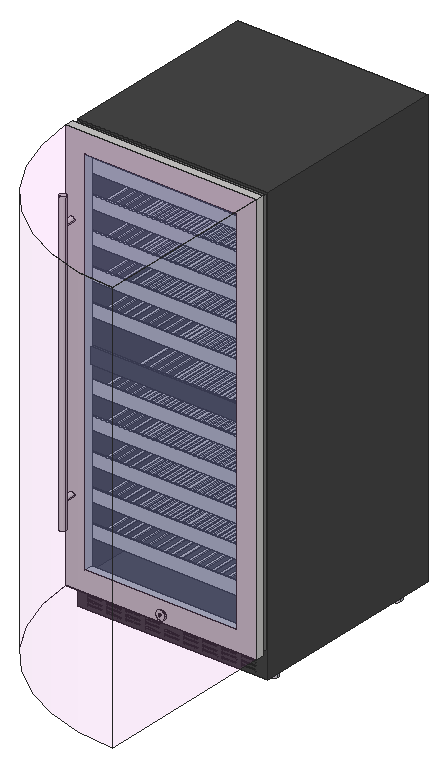
Revit family "QF_Summit_SWCP2116_Wine_Cellar", category Specialty Equipment, Revit 2020
Family settings
  Round Connector Dimension = Use Diameter
  Part Type = Normal
  Work Plane-Based = No
  Always vertical = Yes
  Cut with Voids When Loaded = No
  Shared = No
  Room Calculation Point = No
Parameters
  Weight in Pounds = 213
  Watts = if(Phase = 3, Volts * FL Amps * 1.73, Volts * FL Amps)  # 230 W
  Volts = 115 V
  URL Cutsheet = ""
  Specification by User = ""
  Specification by Manufacturer = ""
  Show RHD [instance] = not(Show LHD)  # no
  Show LHD [instance] = yes
  Show Clearance [instance] = yes
  Serial Number = ""
  Seismic Rating = ""
  SMACNA No = ""
  Revision Code = ""
  Refrigerant Type = "R600a"
  Phase = 1
  Number of Poles = 1
  NAFEM Spec ID Number = ""
  Model = "SWCP2116"
  Min Ckt Ampacity = 0 A
  Max Overcurrent Protection = 0 A
  Masterspec = ""
  Manufacturer = "Summit"
  Length = 23 5/8"
  Item Number = ""
  Installed By = ""
  Identify Quantity as Lot = yes
  Height = 55 1/4"
  HP = ""
  Furnished By = ""
  Foodservice Equipment Identifier = yes
  FL Amps = 2 A
  Electrical Remarks = ""
  Electric Connection Type = ""
  Elec Conn RI Height = 0"
  Elec Conn Connection Height = 0"
  Description = "Wine Cellar"
  Depth = 26 1/2"
  Default Elevation = 0"
  Cycle = 60 Hz
  Conn Plug = ""
  Conn Conduit = yes
  CSI MasterFormat = ""
  Apparent Power = if(Phase = 3, Volts * FL Amps * 1.73, Volts * FL Amps)  # 230 VA
Reference planes (in)
  plane 1 "BACK": y = 0
  plane 2: z = 0
  plane 3 "LEFT": x = 0
  plane 4 "RIGHT": x = 23.625
  plane 5 "FRONT": y = -26.5
  plane 6 "TOP": z = 55.25
  plane 7 "Center Y": x = 11.8125
  plane 8 "Center X": y = -13.25
  plane 9: y = -24.75
  plane 10: y = -48.75
  plane 11: y = -28.25
  plane 12 "Base Height": z = 1.25
  plane 13: z = 4.25
  plane 14: z = 6.125
  plane 15: x = 1.1875
Forms (in)
  Extrusion 1, solid, material "QF_Metal_Stainless_Polished"
    sketch origin (23.625, -24.75, 0.75) x (-1, 0, 0) y (0, 0, -1)
      loop
        line (23.625, -54.5) -> (23.625, -3.5) -> (0, -3.5) -> (0, -54.5) -> (23.625, -54.5)
      loop
        line (2.5, -6) -> (2.5, -52.125) -> (21.25, -52.125) -> (21.25, -6) -> (2.5, -6)
    from 0.75 to 1.75
  Extrusion 2, solid, material "Glass"
    sketch origin (23.625, -24.75, 0.75) x (-1, 0, 0) y (0, 0, -1)
      loop
        line (21.25, -52.125) -> (21.25, -6) -> (2.5, -6) -> (2.5, -52.125) -> (21.25, -52.125)
    from 1 to 1.75
  Extrusion 3, solid, material "QF_Metal_Black"
    sketch origin (23.625, -24.75, 0.75) x (-1, 0, 0) y (0, 0, -1)
      loop
        line (2.5, -30.5) -> (21.25, -30.5) -> (21.25, -28.5) -> (2.5, -28.5) -> (2.5, -30.5)
    from 0.75 to 1
  Extrusion 4, solid, material "QF_Metal_Stainless_Polished", visible <- "Show LHD"
    sketch origin (14.48848, -23.375, 6.28) x (-1, 0, 0) y (0, 0, -1)
      loop
        circle (13.7387, -38.795) r 0.3125
      loop
        circle (13.7387, -8.295) r 0.3125
    from 4.44906 to 3.125
  Extrusion 5, solid, material "QF_Metal_Stainless_Polished", visible <- "Show LHD"
    sketch origin (0.25576, 0, 1.25) x (-1, 0, 0) y (0, -1, 0)
      loop
        circle (-0.49424, 27.875) r 0.375
    from 10.075 to 47.075
  Extrusion 6, solid, material "QF_Rubber_Black_Smooth"
    sketch origin (1.09375, 0, 0.21875) x (1, 0, 0) y (0, 0, -1)
      loop
        circle (18.97551, -1.55458) r 0.25
    from -0.0625 to 0.10156
  Extrusion 7, void
    sketch origin (23.625, 0, 0) x (0, -1, 0) y (0, 0, 1)
      loop
        line (3.75, 53.875) -> (3.75, 10.375) -> (9.75, 10.375) -> (9.75, 5.625) -> (25.125, 5.625) -> (25.125, 53.875) -> (3.75, 53.875)
    from 1.75 to 22
  Extrusion 8, solid, material "QF_Rubber_Black_Smooth"
    sketch origin (23.625, -24.75, 0.75) x (-1, 0, 0) y (0, 0, -1)
      loop
        line (23.375, -3.75) -> (0.25, -3.75) -> (0.25, -54.25) -> (23.375, -54.25) -> (23.375, -3.75)
      loop
        line (22.375, -53.25) -> (22.375, -4.5) -> (1.25, -4.5) -> (1.25, -53.25) -> (22.375, -53.25)
    from 0 to 0.75
  Extrusion 9, solid, material "QF_Metal_Black"
    sketch origin (0, 0, 1.25) x (-1, 0, 0) y (0, -1, 0)
      loop
        line (-0.0625, 0) -> (-0.0625, 24.75) -> (-23.5625, 24.75) -> (-23.5625, 0) -> (-0.0625, 0)
    from 0 to 54
  Revolve 10, solid
    sketch origin (0, -2.83333, 0) x (1, 0, 0) y (0, 0, 1)
      loop
        line (21.93936, 1.25) -> (21.75886, 1.25) -> (21.75886, 0.982) -> (21.31436, 0.982) -> (21.34561, 0) -> (21.93936, 0) -> (21.93936, 1.25)
      axis (21.93936, 0) -> (21.93936, 1.25)
    angle from 0 to 360
  Revolve 11, solid
    sketch origin (-20.25186, -2.83333, 0) x (1, 0, 0) y (0, 0, 1)
      loop
        line (21.93936, 1.25) -> (21.75886, 1.25) -> (21.75886, 0.982) -> (21.31436, 0.982) -> (21.34561, 0) -> (21.93936, 0) -> (21.93936, 1.25)
      axis (21.93936, 0) -> (21.93936, 1.25)
    angle from 0 to 360
  Revolve 12, solid
    sketch origin (0, -21.91667, 0) x (1, 0, 0) y (0, 0, 1)
      loop
        line (21.93936, 1.25) -> (21.75886, 1.25) -> (21.75886, 0.982) -> (21.31436, 0.982) -> (21.34561, 0) -> (21.93936, 0) -> (21.93936, 1.25)
      axis (21.93936, 0) -> (21.93936, 1.25)
    angle from 0 to 360
  Revolve 13, solid
    sketch origin (-20.25186, -21.91667, 0) x (1, 0, 0) y (0, 0, 1)
      loop
        line (21.93936, 1.25) -> (21.75886, 1.25) -> (21.75886, 0.982) -> (21.31436, 0.982) -> (21.34561, 0) -> (21.93936, 0) -> (21.93936, 1.25)
      axis (21.93936, 0) -> (21.93936, 1.25)
    angle from 0 to 360
  Extrusion 14, solid, material "QF_Clearances_Door_Drawer", visible <- "Show LHD"
    sketch origin (0, 0, 1.25) x (-1, 0, 0) y (0, -1, 0)
      loop
        line (-23.625, 48.74698) -> (-23.625, 26.5) -> (-0.02152, 26.5)
        arc (-0.02152, 26.5) -> (-7.30314, 42.41922) -> (-23.625, 48.74698) r 23.25
    from 3 to 54
  Extrusion 15, void
    sketch origin (23.5625, -24.75, 1.25) x (-1, 0, 0) y (0, 0, -1)
      loop
        line (3.12611, -1.95) -> (1.50008, -1.95)
        arc (1.50008, -1.95) -> (1.37508, -2.075) -> (1.50008, -2.2) r 0.125
        line (1.50008, -2.2) -> (3.12611, -2.2)
        arc (3.12611, -2.2) -> (3.25111, -2.075) -> (3.12611, -1.95) r 0.125
      loop
        line (3.12611, -1.45) -> (1.50008, -1.45)
        arc (1.50008, -1.45) -> (1.37508, -1.575) -> (1.50008, -1.7) r 0.125
        line (1.50008, -1.7) -> (3.12611, -1.7)
        arc (3.12611, -1.7) -> (3.25111, -1.575) -> (3.12611, -1.45) r 0.125
      loop
        line (3.12611, -0.95) -> (1.50008, -0.95)
        arc (1.50008, -0.95) -> (1.37508, -1.075) -> (1.50008, -1.2) r 0.125
        line (1.50008, -1.2) -> (3.12611, -1.2)
        arc (3.12611, -1.2) -> (3.25111, -1.075) -> (3.12611, -0.95) r 0.125
      loop
        line (3.12611, -0.45) -> (1.50008, -0.45)
        arc (1.50008, -0.45) -> (1.37508, -0.575) -> (1.50008, -0.7) r 0.125
        line (1.50008, -0.7) -> (3.12611, -0.7)
        arc (3.12611, -0.7) -> (3.25111, -0.575) -> (3.12611, -0.45) r 0.125
      loop
        line (5.50102, -1.95) -> (3.875, -1.95)
        arc (3.875, -1.95) -> (3.75, -2.075) -> (3.875, -2.2) r 0.125
        line (3.875, -2.2) -> (5.50102, -2.2)
        arc (5.50102, -2.2) -> (5.62602, -2.075) -> (5.50102, -1.95) r 0.125
      loop
        line (5.50102, -1.45) -> (3.875, -1.45)
        arc (3.875, -1.45) -> (3.75, -1.575) -> (3.875, -1.7) r 0.125
        line (3.875, -1.7) -> (5.50102, -1.7)
        arc (5.50102, -1.7) -> (5.62602, -1.575) -> (5.50102, -1.45) r 0.125
      loop
        line (5.50102, -0.95) -> (3.875, -0.95)
        arc (3.875, -0.95) -> (3.75, -1.075) -> (3.875, -1.2) r 0.125
        line (3.875, -1.2) -> (5.50102, -1.2)
        arc (5.50102, -1.2) -> (5.62602, -1.075) -> (5.50102, -0.95) r 0.125
      loop
        line (5.50102, -0.45) -> (3.875, -0.45)
        arc (3.875, -0.45) -> (3.75, -0.575) -> (3.875, -0.7) r 0.125
        line (3.875, -0.7) -> (5.50102, -0.7)
        arc (5.50102, -0.7) -> (5.62602, -0.575) -> (5.50102, -0.45) r 0.125
      loop
        line (7.87602, -1.95) -> (6.25, -1.95)
        arc (6.25, -1.95) -> (6.125, -2.075) -> (6.25, -2.2) r 0.125
        line (6.25, -2.2) -> (7.87602, -2.2)
        arc (7.87602, -2.2) -> (8.00102, -2.075) -> (7.87602, -1.95) r 0.125
      loop
        line (7.87602, -1.45) -> (6.25, -1.45)
        arc (6.25, -1.45) -> (6.125, -1.575) -> (6.25, -1.7) r 0.125
        line (6.25, -1.7) -> (7.87602, -1.7)
        arc (7.87602, -1.7) -> (8.00102, -1.575) -> (7.87602, -1.45) r 0.125
      loop
        line (7.87602, -0.95) -> (6.25, -0.95)
        arc (6.25, -0.95) -> (6.125, -1.075) -> (6.25, -1.2) r 0.125
        line (6.25, -1.2) -> (7.87602, -1.2)
        arc (7.87602, -1.2) -> (8.00102, -1.075) -> (7.87602, -0.95) r 0.125
      loop
        line (7.87602, -0.45) -> (6.25, -0.45)
        arc (6.25, -0.45) -> (6.125, -0.575) -> (6.25, -0.7) r 0.125
        line (6.25, -0.7) -> (7.87602, -0.7)
        arc (7.87602, -0.7) -> (8.00102, -0.575) -> (7.87602, -0.45) r 0.125
      loop
        line (10.25102, -1.95) -> (8.625, -1.95)
        arc (8.625, -1.95) -> (8.5, -2.075) -> (8.625, -2.2) r 0.125
        line (8.625, -2.2) -> (10.25102, -2.2)
        arc (10.25102, -2.2) -> (10.37602, -2.075) -> (10.25102, -1.95) r 0.125
      loop
        line (10.25102, -1.45) -> (8.625, -1.45)
        arc (8.625, -1.45) -> (8.5, -1.575) -> (8.625, -1.7) r 0.125
        line (8.625, -1.7) -> (10.25102, -1.7)
        arc (10.25102, -1.7) -> (10.37602, -1.575) -> (10.25102, -1.45) r 0.125
      loop
        line (10.25102, -0.95) -> (8.625, -0.95)
        arc (8.625, -0.95) -> (8.5, -1.075) -> (8.625, -1.2) r 0.125
        line (8.625, -1.2) -> (10.25102, -1.2)
        arc (10.25102, -1.2) -> (10.37602, -1.075) -> (10.25102, -0.95) r 0.125
      loop
        line (10.25102, -0.45) -> (8.625, -0.45)
        arc (8.625, -0.45) -> (8.5, -0.575) -> (8.625, -0.7) r 0.125
        line (8.625, -0.7) -> (10.25102, -0.7)
        arc (10.25102, -0.7) -> (10.37602, -0.575) -> (10.25102, -0.45) r 0.125
      loop
        line (12.62611, -0.95) -> (11.00008, -0.95)
        arc (11.00008, -0.95) -> (10.87508, -1.075) -> (11.00008, -1.2) r 0.125
        line (11.00008, -1.2) -> (12.62611, -1.2)
        arc (12.62611, -1.2) -> (12.75111, -1.075) -> (12.62611, -0.95) r 0.125
      loop
        line (12.62611, -0.45) -> (11.00008, -0.45)
        arc (11.00008, -0.45) -> (10.87508, -0.575) -> (11.00008, -0.7) r 0.125
        line (11.00008, -0.7) -> (12.62611, -0.7)
        arc (12.62611, -0.7) -> (12.75111, -0.575) -> (12.62611, -0.45) r 0.125
      loop
        line (15.00102, -1.95) -> (13.375, -1.95)
        arc (13.375, -1.95) -> (13.25, -2.075) -> (13.375, -2.2) r 0.125
        line (13.375, -2.2) -> (15.00102, -2.2)
        arc (15.00102, -2.2) -> (15.12602, -2.075) -> (15.00102, -1.95) r 0.125
      loop
        line (15.00102, -1.45) -> (13.375, -1.45)
        arc (13.375, -1.45) -> (13.25, -1.575) -> (13.375, -1.7) r 0.125
        line (13.375, -1.7) -> (15.00102, -1.7)
        arc (15.00102, -1.7) -> (15.12602, -1.575) -> (15.00102, -1.45) r 0.125
      loop
        line (15.00102, -0.95) -> (13.375, -0.95)
        arc (13.375, -0.95) -> (13.25, -1.075) -> (13.375, -1.2) r 0.125
        line (13.375, -1.2) -> (15.00102, -1.2)
        arc (15.00102, -1.2) -> (15.12602, -1.075) -> (15.00102, -0.95) r 0.125
      loop
        line (15.00102, -0.45) -> (13.375, -0.45)
        arc (13.375, -0.45) -> (13.25, -0.575) -> (13.375, -0.7) r 0.125
        line (13.375, -0.7) -> (15.00102, -0.7)
        arc (15.00102, -0.7) -> (15.12602, -0.575) -> (15.00102, -0.45) r 0.125
      loop
        line (17.37602, -1.95) -> (15.75, -1.95)
        arc (15.75, -1.95) -> (15.625, -2.075) -> (15.75, -2.2) r 0.125
        line (15.75, -2.2) -> (17.37602, -2.2)
        arc (17.37602, -2.2) -> (17.50102, -2.075) -> (17.37602, -1.95) r 0.125
      loop
        line (17.37602, -1.45) -> (15.75, -1.45)
        arc (15.75, -1.45) -> (15.625, -1.575) -> (15.75, -1.7) r 0.125
        line (15.75, -1.7) -> (17.37602, -1.7)
        arc (17.37602, -1.7) -> (17.50102, -1.575) -> (17.37602, -1.45) r 0.125
      loop
        line (17.37602, -0.95) -> (15.75, -0.95)
        arc (15.75, -0.95) -> (15.625, -1.075) -> (15.75, -1.2) r 0.125
        line (15.75, -1.2) -> (17.37602, -1.2)
        arc (17.37602, -1.2) -> (17.50102, -1.075) -> (17.37602, -0.95) r 0.125
      loop
        line (17.37602, -0.45) -> (15.75, -0.45)
        arc (15.75, -0.45) -> (15.625, -0.575) -> (15.75, -0.7) r 0.125
        line (15.75, -0.7) -> (17.37602, -0.7)
        arc (17.37602, -0.7) -> (17.50102, -0.575) -> (17.37602, -0.45) r 0.125
      loop
        line (19.75102, -1.95) -> (18.125, -1.95)
        arc (18.125, -1.95) -> (18, -2.075) -> (18.125, -2.2) r 0.125
        line (18.125, -2.2) -> (19.75102, -2.2)
        arc (19.75102, -2.2) -> (19.87602, -2.075) -> (19.75102, -1.95) r 0.125
      loop
        line (19.75102, -1.45) -> (18.125, -1.45)
        arc (18.125, -1.45) -> (18, -1.575) -> (18.125, -1.7) r 0.125
        line (18.125, -1.7) -> (19.75102, -1.7)
        arc (19.75102, -1.7) -> (19.87602, -1.575) -> (19.75102, -1.45) r 0.125
      loop
        line (19.75102, -0.95) -> (18.125, -0.95)
        arc (18.125, -0.95) -> (18, -1.075) -> (18.125, -1.2) r 0.125
        line (18.125, -1.2) -> (19.75102, -1.2)
        arc (19.75102, -1.2) -> (19.87602, -1.075) -> (19.75102, -0.95) r 0.125
      loop
        line (19.75102, -0.45) -> (18.125, -0.45)
        arc (18.125, -0.45) -> (18, -0.575) -> (18.125, -0.7) r 0.125
        line (18.125, -0.7) -> (19.75102, -0.7)
        arc (19.75102, -0.7) -> (19.87602, -0.575) -> (19.75102, -0.45) r 0.125
      loop
        line (22.12602, -1.95) -> (20.5, -1.95)
        arc (20.5, -1.95) -> (20.375, -2.075) -> (20.5, -2.2) r 0.125
        line (20.5, -2.2) -> (22.12602, -2.2)
        arc (22.12602, -2.2) -> (22.25102, -2.075) -> (22.12602, -1.95) r 0.125
      loop
        line (22.12602, -1.45) -> (20.5, -1.45)
        arc (20.5, -1.45) -> (20.375, -1.575) -> (20.5, -1.7) r 0.125
        line (20.5, -1.7) -> (22.12602, -1.7)
        arc (22.12602, -1.7) -> (22.25102, -1.575) -> (22.12602, -1.45) r 0.125
      loop
        line (22.12602, -0.95) -> (20.5, -0.95)
        arc (20.5, -0.95) -> (20.375, -1.075) -> (20.5, -1.2) r 0.125
        line (20.5, -1.2) -> (22.12602, -1.2)
        arc (22.12602, -1.2) -> (22.25102, -1.075) -> (22.12602, -0.95) r 0.125
      loop
        line (22.12602, -0.45) -> (20.5, -0.45)
        arc (20.5, -0.45) -> (20.375, -0.575) -> (20.5, -0.7) r 0.125
        line (20.5, -0.7) -> (22.12602, -0.7)
        arc (22.12602, -0.7) -> (22.25102, -0.575) -> (22.12602, -0.45) r 0.125
    from 0.125 to -0.75
  Extrusion 16, solid, material "QF_Metal_Black"
    sketch origin (23.625, -3.75, 53.875) x (0, 0, -1) y (1, 0, 0)
      loop
        circle (3.54209, -11.8125) r 2.25
      loop
        circle (3.54209, -11.8125) r 2.15625
      loop
        circle (3.54209, -11.8125) r 1.875
      loop
        circle (3.54209, -11.8125) r 1.78125
      loop
        circle (3.54209, -11.8125) r 1.5
      loop
        circle (3.54209, -11.8125) r 1.40625
      loop
        circle (3.54209, -11.8125) r 1.125
      loop
        circle (3.54209, -11.8125) r 1.03125
    from 0 to 0.125
  Extrusion 17, void
    sketch origin (23.625, -26.5, 1.59375) x (-1, 0, 0) y (0, 0, -1)
      loop
        circle (11.8125, -3.53635) r 0.5625
    from -0.125 to 0.125
  Extrusion 18, solid, material "QF_Metal_Stainless_Polished"
    sketch origin (23.625, -26.375, 2.4375) x (-1, 0, 0) y (0, 0, -1)
      loop
        circle (11.8125, -2.6926) r 0.5625
      loop
        circle (11.8125, -2.6926) r 0.1875
      loop
        circle (11.8125, -2.6926) r 0.0625
    from 0 to 0.25
  Extrusion 19, solid, material "QF_Metal_Stainless_Polished"
    sketch origin (23.625, -25.5, -52.53869) x (1, 0, 0) y (0, 0, -1)
      loop
        line (-21.25, -64.01254) -> (-2.5, -64.01254) -> (-2.5, -62.41369) -> (-21.25, -62.41369) -> (-21.25, -64.01254)
    from 0 to 0.125
  Extrusion 20, solid, material "QF_Metal_Stainless_Polished"
    sketch origin (23.625, -25.375, -52.53869) x (1, 0, 0) y (0, 0, -1)
      loop
        circle (-11.8125, -62.65879) r 0.11817
      loop
        circle (-12.8125, -62.65879) r 0.11817
      loop
        circle (-13.8125, -62.65879) r 0.11817
      loop
        circle (-14.8125, -62.65879) r 0.11817
      loop
        circle (-15.8125, -62.65879) r 0.11817
      loop
        circle (-16.8125, -62.65879) r 0.11817
      loop
        circle (-17.8125, -62.65879) r 0.11817
      loop
        circle (-18.8125, -62.65879) r 0.11817
      loop
        circle (-19.8125, -62.65879) r 0.11817
      loop
        circle (-20.8125, -62.65879) r 0.11817
      loop
        circle (-10.8125, -62.65879) r 0.11817
      loop
        circle (-9.8125, -62.65879) r 0.11817
      loop
        circle (-8.8125, -62.65879) r 0.11817
      loop
        circle (-7.8125, -62.65879) r 0.11817
      loop
        circle (-6.8125, -62.65879) r 0.11817
      loop
        circle (-5.8125, -62.65879) r 0.11817
      loop
        circle (-4.8125, -62.65879) r 0.11817
      loop
        circle (-3.8125, -62.65879) r 0.11817
      loop
        circle (-2.8125, -62.65879) r 0.11817
    from 0 to 21
  Extrusion 21, solid, material "QF_Metal_Stainless_Polished"
    sketch origin (21.125, -25.5, 9.875) x (0, 1, 0) y (1, 0, 0)
      loop
        line (21.125, -18.43067) -> (21.125, -0.18067) -> (20.875, -0.18067) -> (20.875, -18.43067) -> (21.125, -18.43067)
      loop
        line (7.125, -18.43067) -> (7.125, -0.18067) -> (6.875, -0.18067) -> (6.875, -18.43067) -> (7.125, -18.43067)
      loop
        line (12.25, -18.43067) -> (12.25, -0.18067) -> (12, -0.18067) -> (12, -18.43067) -> (12.25, -18.43067)
    from -0.33488 to -0.19678
  Extrusion 22, solid, material "QF_Metal_Stainless_Polished", not visible
    sketch origin (23.625, -25.5, 0.75) x (1, 0, 0) y (0, 0, -1)
      loop
        line (-21.25, -64.01254) -> (-2.5, -64.01254) -> (-2.5, -62.41369) -> (-21.25, -62.41369) -> (-21.25, -64.01254)
    from 0 to 0.125
  Extrusion 23, solid, material "QF_Metal_Stainless_Polished", not visible
    sketch origin (23.625, -25.375, 0.75) x (1, 0, 0) y (0, 0, -1)
      loop
        circle (-11.8125, -62.65879) r 0.11817
      loop
        circle (-12.8125, -62.65879) r 0.11817
      loop
        circle (-13.8125, -62.65879) r 0.11817
      loop
        circle (-14.8125, -62.65879) r 0.11817
      loop
        circle (-15.8125, -62.65879) r 0.11817
      loop
        circle (-16.8125, -62.65879) r 0.11817
      loop
        circle (-17.8125, -62.65879) r 0.11817
      loop
        circle (-18.8125, -62.65879) r 0.11817
      loop
        circle (-19.8125, -62.65879) r 0.11817
      loop
        circle (-20.8125, -62.65879) r 0.11817
      loop
        circle (-10.8125, -62.65879) r 0.11817
      loop
        circle (-9.8125, -62.65879) r 0.11817
      loop
        circle (-8.8125, -62.65879) r 0.11817
      loop
        circle (-7.8125, -62.65879) r 0.11817
      loop
        circle (-6.8125, -62.65879) r 0.11817
      loop
        circle (-5.8125, -62.65879) r 0.11817
      loop
        circle (-4.8125, -62.65879) r 0.11817
      loop
        circle (-3.8125, -62.65879) r 0.11817
      loop
        circle (-2.8125, -62.65879) r 0.11817
    from 0 to 21
  Extrusion 24, solid, material "QF_Metal_Stainless_Polished", not visible
    sketch origin (21.125, -25.5, 63.16369) x (0, 1, 0) y (1, 0, 0)
      loop
        line (21.125, -18.43067) -> (21.125, -0.18067) -> (20.875, -0.18067) -> (20.875, -18.43067) -> (21.125, -18.43067)
      loop
        line (7.125, -18.43067) -> (7.125, -0.18067) -> (6.875, -0.18067) -> (6.875, -18.43067) -> (7.125, -18.43067)
      loop
        line (12.25, -18.43067) -> (12.25, -0.18067) -> (12, -0.18067) -> (12, -18.43067) -> (12.25, -18.43067)
    from -0.33488 to -0.19678
  Extrusion 25, solid, material "QF_Metal_Stainless_Polished"
    sketch origin (23.625, -25.5, -48.53869) x (1, 0, 0) y (0, 0, -1)
      loop
        line (-21.25, -64.01254) -> (-2.5, -64.01254) -> (-2.5, -62.41369) -> (-21.25, -62.41369) -> (-21.25, -64.01254)
    from 0 to 0.125
  Extrusion 26, solid, material "QF_Metal_Stainless_Polished"
    sketch origin (23.625, -25.375, -48.53869) x (1, 0, 0) y (0, 0, -1)
      loop
        circle (-11.8125, -62.65879) r 0.11817
      loop
        circle (-12.8125, -62.65879) r 0.11817
      loop
        circle (-13.8125, -62.65879) r 0.11817
      loop
        circle (-14.8125, -62.65879) r 0.11817
      loop
        circle (-15.8125, -62.65879) r 0.11817
      loop
        circle (-16.8125, -62.65879) r 0.11817
      loop
        circle (-17.8125, -62.65879) r 0.11817
      loop
        circle (-18.8125, -62.65879) r 0.11817
      loop
        circle (-19.8125, -62.65879) r 0.11817
      loop
        circle (-20.8125, -62.65879) r 0.11817
      loop
        circle (-10.8125, -62.65879) r 0.11817
      loop
        circle (-9.8125, -62.65879) r 0.11817
      loop
        circle (-8.8125, -62.65879) r 0.11817
      loop
        circle (-7.8125, -62.65879) r 0.11817
      loop
        circle (-6.8125, -62.65879) r 0.11817
      loop
        circle (-5.8125, -62.65879) r 0.11817
      loop
        circle (-4.8125, -62.65879) r 0.11817
      loop
        circle (-3.8125, -62.65879) r 0.11817
      loop
        circle (-2.8125, -62.65879) r 0.11817
    from 0 to 21
  Extrusion 27, solid, material "QF_Metal_Stainless_Polished"
    sketch origin (21.125, -25.5, 13.875) x (0, 1, 0) y (1, 0, 0)
      loop
        line (21.125, -18.43067) -> (21.125, -0.18067) -> (20.875, -0.18067) -> (20.875, -18.43067) -> (21.125, -18.43067)
      loop
        line (7.125, -18.43067) -> (7.125, -0.18067) -> (6.875, -0.18067) -> (6.875, -18.43067) -> (7.125, -18.43067)
      loop
        line (12.25, -18.43067) -> (12.25, -0.18067) -> (12, -0.18067) -> (12, -18.43067) -> (12.25, -18.43067)
    from -0.33488 to -0.19678
  Extrusion 28, solid, material "QF_Metal_Stainless_Polished"
    sketch origin (23.625, -25.5, -44.53869) x (1, 0, 0) y (0, 0, -1)
      loop
        line (-21.25, -64.01254) -> (-2.5, -64.01254) -> (-2.5, -62.41369) -> (-21.25, -62.41369) -> (-21.25, -64.01254)
    from 0 to 0.125
  Extrusion 29, solid, material "QF_Metal_Stainless_Polished"
    sketch origin (23.625, -25.375, -44.53869) x (1, 0, 0) y (0, 0, -1)
      loop
        circle (-11.8125, -62.65879) r 0.11817
      loop
        circle (-12.8125, -62.65879) r 0.11817
      loop
        circle (-13.8125, -62.65879) r 0.11817
      loop
        circle (-14.8125, -62.65879) r 0.11817
      loop
        circle (-15.8125, -62.65879) r 0.11817
      loop
        circle (-16.8125, -62.65879) r 0.11817
      loop
        circle (-17.8125, -62.65879) r 0.11817
      loop
        circle (-18.8125, -62.65879) r 0.11817
      loop
        circle (-19.8125, -62.65879) r 0.11817
      loop
        circle (-20.8125, -62.65879) r 0.11817
      loop
        circle (-10.8125, -62.65879) r 0.11817
      loop
        circle (-9.8125, -62.65879) r 0.11817
      loop
        circle (-8.8125, -62.65879) r 0.11817
      loop
        circle (-7.8125, -62.65879) r 0.11817
      loop
        circle (-6.8125, -62.65879) r 0.11817
      loop
        circle (-5.8125, -62.65879) r 0.11817
      loop
        circle (-4.8125, -62.65879) r 0.11817
      loop
        circle (-3.8125, -62.65879) r 0.11817
      loop
        circle (-2.8125, -62.65879) r 0.11817
    from 0 to 21
  Extrusion 30, solid, material "QF_Metal_Stainless_Polished"
    sketch origin (21.125, -25.5, 17.875) x (0, 1, 0) y (1, 0, 0)
      loop
        line (21.125, -18.43067) -> (21.125, -0.18067) -> (20.875, -0.18067) -> (20.875, -18.43067) -> (21.125, -18.43067)
      loop
        line (7.125, -18.43067) -> (7.125, -0.18067) -> (6.875, -0.18067) -> (6.875, -18.43067) -> (7.125, -18.43067)
      loop
        line (12.25, -18.43067) -> (12.25, -0.18067) -> (12, -0.18067) -> (12, -18.43067) -> (12.25, -18.43067)
    from -0.33488 to -0.19678
  Extrusion 31, solid, material "QF_Metal_Stainless_Polished"
    sketch origin (23.625, -25.5, -40.53869) x (1, 0, 0) y (0, 0, -1)
      loop
        line (-21.25, -64.01254) -> (-2.5, -64.01254) -> (-2.5, -62.41369) -> (-21.25, -62.41369) -> (-21.25, -64.01254)
    from 0 to 0.125
  Extrusion 32, solid, material "QF_Metal_Stainless_Polished"
    sketch origin (23.625, -25.375, -40.53869) x (1, 0, 0) y (0, 0, -1)
      loop
        circle (-11.8125, -62.65879) r 0.11817
      loop
        circle (-12.8125, -62.65879) r 0.11817
      loop
        circle (-13.8125, -62.65879) r 0.11817
      loop
        circle (-14.8125, -62.65879) r 0.11817
      loop
        circle (-15.8125, -62.65879) r 0.11817
      loop
        circle (-16.8125, -62.65879) r 0.11817
      loop
        circle (-17.8125, -62.65879) r 0.11817
      loop
        circle (-18.8125, -62.65879) r 0.11817
      loop
        circle (-19.8125, -62.65879) r 0.11817
      loop
        circle (-20.8125, -62.65879) r 0.11817
      loop
        circle (-10.8125, -62.65879) r 0.11817
      loop
        circle (-9.8125, -62.65879) r 0.11817
      loop
        circle (-8.8125, -62.65879) r 0.11817
      loop
        circle (-7.8125, -62.65879) r 0.11817
      loop
        circle (-6.8125, -62.65879) r 0.11817
      loop
        circle (-5.8125, -62.65879) r 0.11817
      loop
        circle (-4.8125, -62.65879) r 0.11817
      loop
        circle (-3.8125, -62.65879) r 0.11817
      loop
        circle (-2.8125, -62.65879) r 0.11817
    from 0 to 21
  Extrusion 33, solid, material "QF_Metal_Stainless_Polished"
    sketch origin (21.125, -25.5, 21.875) x (0, 1, 0) y (1, 0, 0)
      loop
        line (21.125, -18.43067) -> (21.125, -0.18067) -> (20.875, -0.18067) -> (20.875, -18.43067) -> (21.125, -18.43067)
      loop
        line (7.125, -18.43067) -> (7.125, -0.18067) -> (6.875, -0.18067) -> (6.875, -18.43067) -> (7.125, -18.43067)
      loop
        line (12.25, -18.43067) -> (12.25, -0.18067) -> (12, -0.18067) -> (12, -18.43067) -> (12.25, -18.43067)
    from -0.33488 to -0.19678
  Extrusion 34, solid, material "QF_Metal_Stainless_Polished"
    sketch origin (23.625, -25.5, -36.53869) x (1, 0, 0) y (0, 0, -1)
      loop
        line (-21.25, -64.01254) -> (-2.5, -64.01254) -> (-2.5, -62.41369) -> (-21.25, -62.41369) -> (-21.25, -64.01254)
    from 0 to 0.125
  Extrusion 35, solid, material "QF_Metal_Stainless_Polished"
    sketch origin (23.625, -25.375, -36.53869) x (1, 0, 0) y (0, 0, -1)
      loop
        circle (-11.8125, -62.65879) r 0.11817
      loop
        circle (-12.8125, -62.65879) r 0.11817
      loop
        circle (-13.8125, -62.65879) r 0.11817
      loop
        circle (-14.8125, -62.65879) r 0.11817
      loop
        circle (-15.8125, -62.65879) r 0.11817
      loop
        circle (-16.8125, -62.65879) r 0.11817
      loop
        circle (-17.8125, -62.65879) r 0.11817
      loop
        circle (-18.8125, -62.65879) r 0.11817
      loop
        circle (-19.8125, -62.65879) r 0.11817
      loop
        circle (-20.8125, -62.65879) r 0.11817
      loop
        circle (-10.8125, -62.65879) r 0.11817
      loop
        circle (-9.8125, -62.65879) r 0.11817
      loop
        circle (-8.8125, -62.65879) r 0.11817
      loop
        circle (-7.8125, -62.65879) r 0.11817
      loop
        circle (-6.8125, -62.65879) r 0.11817
      loop
        circle (-5.8125, -62.65879) r 0.11817
      loop
        circle (-4.8125, -62.65879) r 0.11817
      loop
        circle (-3.8125, -62.65879) r 0.11817
      loop
        circle (-2.8125, -62.65879) r 0.11817
    from 0 to 21
  Extrusion 36, solid, material "QF_Metal_Stainless_Polished"
    sketch origin (21.125, -25.5, 25.875) x (0, 1, 0) y (1, 0, 0)
      loop
        line (21.125, -18.43067) -> (21.125, -0.18067) -> (20.875, -0.18067) -> (20.875, -18.43067) -> (21.125, -18.43067)
      loop
        line (7.125, -18.43067) -> (7.125, -0.18067) -> (6.875, -0.18067) -> (6.875, -18.43067) -> (7.125, -18.43067)
      loop
        line (12.25, -18.43067) -> (12.25, -0.18067) -> (12, -0.18067) -> (12, -18.43067) -> (12.25, -18.43067)
    from -0.33488 to -0.19678
  Extrusion 37, solid, material "QF_Metal_Stainless_Polished"
    sketch origin (23.625, -25.5, -28.03869) x (1, 0, 0) y (0, 0, -1)
      loop
        line (-21.25, -64.01254) -> (-2.5, -64.01254) -> (-2.5, -62.41369) -> (-21.25, -62.41369) -> (-21.25, -64.01254)
    from 0 to 0.125
  Extrusion 38, solid, material "QF_Metal_Stainless_Polished"
    sketch origin (23.625, -25.375, -28.03869) x (1, 0, 0) y (0, 0, -1)
      loop
        circle (-11.8125, -62.65879) r 0.11817
      loop
        circle (-12.8125, -62.65879) r 0.11817
      loop
        circle (-13.8125, -62.65879) r 0.11817
      loop
        circle (-14.8125, -62.65879) r 0.11817
      loop
        circle (-15.8125, -62.65879) r 0.11817
      loop
        circle (-16.8125, -62.65879) r 0.11817
      loop
        circle (-17.8125, -62.65879) r 0.11817
      loop
        circle (-18.8125, -62.65879) r 0.11817
      loop
        circle (-19.8125, -62.65879) r 0.11817
      loop
        circle (-20.8125, -62.65879) r 0.11817
      loop
        circle (-10.8125, -62.65879) r 0.11817
      loop
        circle (-9.8125, -62.65879) r 0.11817
      loop
        circle (-8.8125, -62.65879) r 0.11817
      loop
        circle (-7.8125, -62.65879) r 0.11817
      loop
        circle (-6.8125, -62.65879) r 0.11817
      loop
        circle (-5.8125, -62.65879) r 0.11817
      loop
        circle (-4.8125, -62.65879) r 0.11817
      loop
        circle (-3.8125, -62.65879) r 0.11817
      loop
        circle (-2.8125, -62.65879) r 0.11817
    from 0 to 21
  Extrusion 39, solid, material "QF_Metal_Stainless_Polished"
    sketch origin (21.125, -25.5, 34.375) x (0, 1, 0) y (1, 0, 0)
      loop
        line (21.125, -18.43067) -> (21.125, -0.18067) -> (20.875, -0.18067) -> (20.875, -18.43067) -> (21.125, -18.43067)
      loop
        line (7.125, -18.43067) -> (7.125, -0.18067) -> (6.875, -0.18067) -> (6.875, -18.43067) -> (7.125, -18.43067)
      loop
        line (12.25, -18.43067) -> (12.25, -0.18067) -> (12, -0.18067) -> (12, -18.43067) -> (12.25, -18.43067)
    from -0.33488 to -0.19678
  Extrusion 40, solid, material "QF_Metal_Stainless_Polished"
    sketch origin (23.625, -25.5, -24.03869) x (1, 0, 0) y (0, 0, -1)
      loop
        line (-21.25, -64.01254) -> (-2.5, -64.01254) -> (-2.5, -62.41369) -> (-21.25, -62.41369) -> (-21.25, -64.01254)
    from 0 to 0.125
  Extrusion 41, solid, material "QF_Metal_Stainless_Polished"
    sketch origin (23.625, -25.375, -24.03869) x (1, 0, 0) y (0, 0, -1)
      loop
        circle (-11.8125, -62.65879) r 0.11817
      loop
        circle (-12.8125, -62.65879) r 0.11817
      loop
        circle (-13.8125, -62.65879) r 0.11817
      loop
        circle (-14.8125, -62.65879) r 0.11817
      loop
        circle (-15.8125, -62.65879) r 0.11817
      loop
        circle (-16.8125, -62.65879) r 0.11817
      loop
        circle (-17.8125, -62.65879) r 0.11817
      loop
        circle (-18.8125, -62.65879) r 0.11817
      loop
        circle (-19.8125, -62.65879) r 0.11817
      loop
        circle (-20.8125, -62.65879) r 0.11817
      loop
        circle (-10.8125, -62.65879) r 0.11817
      loop
        circle (-9.8125, -62.65879) r 0.11817
      loop
        circle (-8.8125, -62.65879) r 0.11817
      loop
        circle (-7.8125, -62.65879) r 0.11817
      loop
        circle (-6.8125, -62.65879) r 0.11817
      loop
        circle (-5.8125, -62.65879) r 0.11817
      loop
        circle (-4.8125, -62.65879) r 0.11817
      loop
        circle (-3.8125, -62.65879) r 0.11817
      loop
        circle (-2.8125, -62.65879) r 0.11817
    from 0 to 21
  Extrusion 42, solid, material "QF_Metal_Stainless_Polished"
    sketch origin (21.125, -25.5, 38.375) x (0, 1, 0) y (1, 0, 0)
      loop
        line (21.125, -18.43067) -> (21.125, -0.18067) -> (20.875, -0.18067) -> (20.875, -18.43067) -> (21.125, -18.43067)
      loop
        line (7.125, -18.43067) -> (7.125, -0.18067) -> (6.875, -0.18067) -> (6.875, -18.43067) -> (7.125, -18.43067)
      loop
        line (12.25, -18.43067) -> (12.25, -0.18067) -> (12, -0.18067) -> (12, -18.43067) -> (12.25, -18.43067)
    from -0.33488 to -0.19678
  Extrusion 43, solid, material "QF_Metal_Stainless_Polished"
    sketch origin (23.625, -25.5, -20.03869) x (1, 0, 0) y (0, 0, -1)
      loop
        line (-21.25, -64.01254) -> (-2.5, -64.01254) -> (-2.5, -62.41369) -> (-21.25, -62.41369) -> (-21.25, -64.01254)
    from 0 to 0.125
  Extrusion 44, solid, material "QF_Metal_Stainless_Polished"
    sketch origin (23.625, -25.375, -20.03869) x (1, 0, 0) y (0, 0, -1)
      loop
        circle (-11.8125, -62.65879) r 0.11817
      loop
        circle (-12.8125, -62.65879) r 0.11817
      loop
        circle (-13.8125, -62.65879) r 0.11817
      loop
        circle (-14.8125, -62.65879) r 0.11817
      loop
        circle (-15.8125, -62.65879) r 0.11817
      loop
        circle (-16.8125, -62.65879) r 0.11817
      loop
        circle (-17.8125, -62.65879) r 0.11817
      loop
        circle (-18.8125, -62.65879) r 0.11817
      loop
        circle (-19.8125, -62.65879) r 0.11817
      loop
        circle (-20.8125, -62.65879) r 0.11817
      loop
        circle (-10.8125, -62.65879) r 0.11817
      loop
        circle (-9.8125, -62.65879) r 0.11817
      loop
        circle (-8.8125, -62.65879) r 0.11817
      loop
        circle (-7.8125, -62.65879) r 0.11817
      loop
        circle (-6.8125, -62.65879) r 0.11817
      loop
        circle (-5.8125, -62.65879) r 0.11817
      loop
        circle (-4.8125, -62.65879) r 0.11817
      loop
        circle (-3.8125, -62.65879) r 0.11817
      loop
        circle (-2.8125, -62.65879) r 0.11817
    from 0 to 21
  Extrusion 45, solid, material "QF_Metal_Stainless_Polished"
    sketch origin (21.125, -25.5, 42.375) x (0, 1, 0) y (1, 0, 0)
      loop
        line (21.125, -18.43067) -> (21.125, -0.18067) -> (20.875, -0.18067) -> (20.875, -18.43067) -> (21.125, -18.43067)
      loop
        line (7.125, -18.43067) -> (7.125, -0.18067) -> (6.875, -0.18067) -> (6.875, -18.43067) -> (7.125, -18.43067)
      loop
        line (12.25, -18.43067) -> (12.25, -0.18067) -> (12, -0.18067) -> (12, -18.43067) -> (12.25, -18.43067)
    from -0.33488 to -0.19678
  Extrusion 46, solid, material "QF_Metal_Stainless_Polished"
    sketch origin (23.625, -25.5, -16.03869) x (1, 0, 0) y (0, 0, -1)
      loop
        line (-21.25, -64.01254) -> (-2.5, -64.01254) -> (-2.5, -62.41369) -> (-21.25, -62.41369) -> (-21.25, -64.01254)
    from 0 to 0.125
  Extrusion 47, solid, material "QF_Metal_Stainless_Polished"
    sketch origin (23.625, -25.375, -16.03869) x (1, 0, 0) y (0, 0, -1)
      loop
        circle (-11.8125, -62.65879) r 0.11817
      loop
        circle (-12.8125, -62.65879) r 0.11817
      loop
        circle (-13.8125, -62.65879) r 0.11817
      loop
        circle (-14.8125, -62.65879) r 0.11817
      loop
        circle (-15.8125, -62.65879) r 0.11817
      loop
        circle (-16.8125, -62.65879) r 0.11817
      loop
        circle (-17.8125, -62.65879) r 0.11817
      loop
        circle (-18.8125, -62.65879) r 0.11817
      loop
        circle (-19.8125, -62.65879) r 0.11817
      loop
        circle (-20.8125, -62.65879) r 0.11817
      loop
        circle (-10.8125, -62.65879) r 0.11817
      loop
        circle (-9.8125, -62.65879) r 0.11817
      loop
        circle (-8.8125, -62.65879) r 0.11817
      loop
        circle (-7.8125, -62.65879) r 0.11817
      loop
        circle (-6.8125, -62.65879) r 0.11817
      loop
        circle (-5.8125, -62.65879) r 0.11817
      loop
        circle (-4.8125, -62.65879) r 0.11817
      loop
        circle (-3.8125, -62.65879) r 0.11817
      loop
        circle (-2.8125, -62.65879) r 0.11817
    from 0 to 21
  Extrusion 48, solid, material "QF_Metal_Stainless_Polished"
    sketch origin (21.125, -25.5, 46.375) x (0, 1, 0) y (1, 0, 0)
      loop
        line (21.125, -18.43067) -> (21.125, -0.18067) -> (20.875, -0.18067) -> (20.875, -18.43067) -> (21.125, -18.43067)
      loop
        line (7.125, -18.43067) -> (7.125, -0.18067) -> (6.875, -0.18067) -> (6.875, -18.43067) -> (7.125, -18.43067)
      loop
        line (12.25, -18.43067) -> (12.25, -0.18067) -> (12, -0.18067) -> (12, -18.43067) -> (12.25, -18.43067)
    from -0.33488 to -0.19678
  Extrusion 49, solid, material "QF_Metal_Stainless_Polished"
    sketch origin (23.625, -25.5, -12.03869) x (1, 0, 0) y (0, 0, -1)
      loop
        line (-21.25, -64.01254) -> (-2.5, -64.01254) -> (-2.5, -62.41369) -> (-21.25, -62.41369) -> (-21.25, -64.01254)
    from 0 to 0.125
  Extrusion 50, solid, material "QF_Metal_Stainless_Polished"
    sketch origin (23.625, -25.375, -12.03869) x (1, 0, 0) y (0, 0, -1)
      loop
        circle (-11.8125, -62.65879) r 0.11817
      loop
        circle (-12.8125, -62.65879) r 0.11817
      loop
        circle (-13.8125, -62.65879) r 0.11817
      loop
        circle (-14.8125, -62.65879) r 0.11817
      loop
        circle (-15.8125, -62.65879) r 0.11817
      loop
        circle (-16.8125, -62.65879) r 0.11817
      loop
        circle (-17.8125, -62.65879) r 0.11817
      loop
        circle (-18.8125, -62.65879) r 0.11817
      loop
        circle (-19.8125, -62.65879) r 0.11817
      loop
        circle (-20.8125, -62.65879) r 0.11817
      loop
        circle (-10.8125, -62.65879) r 0.11817
      loop
        circle (-9.8125, -62.65879) r 0.11817
      loop
        circle (-8.8125, -62.65879) r 0.11817
      loop
        circle (-7.8125, -62.65879) r 0.11817
      loop
        circle (-6.8125, -62.65879) r 0.11817
      loop
        circle (-5.8125, -62.65879) r 0.11817
      loop
        circle (-4.8125, -62.65879) r 0.11817
      loop
        circle (-3.8125, -62.65879) r 0.11817
      loop
        circle (-2.8125, -62.65879) r 0.11817
    from 0 to 21
  Extrusion 51, solid, material "QF_Metal_Stainless_Polished"
    sketch origin (21.125, -25.5, 50.375) x (0, 1, 0) y (1, 0, 0)
      loop
        line (21.125, -18.43067) -> (21.125, -0.18067) -> (20.875, -0.18067) -> (20.875, -18.43067) -> (21.125, -18.43067)
      loop
        line (7.125, -18.43067) -> (7.125, -0.18067) -> (6.875, -0.18067) -> (6.875, -18.43067) -> (7.125, -18.43067)
      loop
        line (12.25, -18.43067) -> (12.25, -0.18067) -> (12, -0.18067) -> (12, -18.43067) -> (12.25, -18.43067)
    from -0.33488 to -0.19678
  Extrusion 52, solid, material "QF_Metal_Stainless_Polished", visible <- "Show RHD"
    sketch origin (9.13652, -23.375, 6.28) x (1, 0, 0) y (0, 0, 1)
      loop
        circle (13.7387, 38.795) r 0.3125
      loop
        circle (13.7387, 8.295) r 0.3125
    from 4.44906 to 3.125
  Extrusion 53, solid, material "QF_Metal_Stainless_Polished", visible <- "Show RHD"
    sketch origin (23.36924, 0, 1.25) x (1, 0, 0) y (0, 1, 0)
      loop
        circle (-0.49424, -27.875) r 0.375
    from 10.075 to 47.075
  Extrusion 54, solid, material "QF_Clearances_Door_Drawer", visible <- "Show RHD"
    sketch origin (23.625, 0, 1.25) x (1, 0, 0) y (0, 1, 0)
      loop
        arc (-23.625, -48.74698) -> (-7.30314, -42.41922) -> (-0.02152, -26.5) r 23.25
        line (-0.02152, -26.5) -> (-23.625, -26.5) -> (-23.625, -48.74698)
    from 3 to 54
Cuts and joins
  Extrusion 17 cuts Extrusion 1
  Extrusion 7, Extrusion 15 cuts Extrusion 9
Lines and regions (in)
  Split face 1
    outline origin (25.14706, -25.75, -2.25) x (-1, 0, 0) y (0, 0, -1)
      loop
        circle (6.92191, -32.48087) r 0.27344
  Split face 2
    outline origin (22.14237, -25.75, -2.23437) x (-1, 0, 0) y (0, 0, -1)
      loop
        circle (16.26416, -32.448) r 0.27344
  Split face 3
    outline origin (23.625, -25.75, 0.75) x (-1, 0, 0) y (0, 0, -1)
      loop
        line (10.25, -28.75) -> (10.25, -30.25) -> (13.375, -30.25) -> (13.375, -28.75) -> (10.25, -28.75)
  Split face 4
    outline origin (23.625, -25.75, 0.75) x (-1, 0, 0) y (0, 0, -1)
      loop
        circle (7.27313, -29.48087) r 0.27344
  Split face 5
    outline origin (22.375, -25.75, 0.75) x (-1, 0, 0) y (0, 0, -1)
      loop
        circle (7.27313, -29.48087) r 0.27344
  Split face 6
    outline origin (0, -25.75, 0.75) x (1, 0, 0) y (0, 0, 1)
      loop
        circle (7.27313, 29.48087) r 0.27344
  Split face 7
    outline origin (1.25, -25.75, 0.75) x (1, 0, 0) y (0, 0, 1)
      loop
        circle (7.27313, 29.48087) r 0.27344
  symbolic lines
    curve 1: line (0.0625, 0, 1.25) -> (23.5625, 0, 1.25)
    curve 2: line (0.0625, -24.75, 1.25) -> (0.0625, 0, 1.25)
    curve 3: line (23.5625, -24.75, 1.25) -> (0.0625, -24.75, 1.25)
    curve 4: line (23.5625, 0, 1.25) -> (23.5625, -24.75, 1.25)
    curve 5: line (0.25, -24.75, 1.25) -> (0.25, -25.5, 1.25)
    curve 6: line (23.375, -25.5, 1.25) -> (23.375, -24.75, 1.25)
    curve 7: line (0, -25.5, 1.25) -> (23.625, -25.5, 1.25)
    curve 8: line (0, -26.5, 1.25) -> (0, -25.5, 1.25)
    curve 9: line (23.625, -26.5, 1.25) -> (0, -26.5, 1.25)
    curve 10: line (23.625, -25.5, 1.25) -> (23.625, -26.5, 1.25)
  symbolic lines, visible <- "Show LHD"
    curve 11: arc (1.125, -27.875, 1.25) -> (0.75, -27.5, 1.25) -> (0.375, -27.875, 1.25) r 0.375
    curve 12: arc (0.375, -27.875, 1.25) -> (0.75, -28.25, 1.25) -> (1.125, -27.875, 1.25) r 0.375
    curve 13: line (0.43729, -27.66803, 1.25) -> (0.43729, -26.5, 1.25)
    curve 14: line (1.06229, -27.66739, 1.25) -> (1.06229, -26.5, 1.25)
  symbolic lines, style "QF_Clearances_Door_Drawer", visible <- "Show LHD"
    curve 15: arc (0.02152, -26.5, 1.25) -> (1.07988, -32.50345, 1.25) -> (3.66235, -38.02544, 1.25) r 23.25
    curve 16: line (3.66235, -38.02544, 1.25) -> (23.625, -26.5, 1.25)
  symbolic lines, style "QF_Clearances_Door_Drawer", visible <- "Show RHD"
    curve 17: arc (23.60348, -26.5, 1.25) -> (22.54512, -32.50345, 1.25) -> (19.96265, -38.02544, 1.25) r 23.25
    curve 18: line (19.96265, -38.02544, 1.25) -> (0, -26.5, 1.25)
  symbolic lines, visible <- "Show RHD"
    curve 19: arc (22.5, -27.875, 1.25) -> (22.875, -27.5, 1.25) -> (23.25, -27.875, 1.25) r 0.375
    curve 20: arc (23.25, -27.875, 1.25) -> (22.875, -28.25, 1.25) -> (22.5, -27.875, 1.25) r 0.375
    curve 21: line (23.18771, -27.66803, 1.25) -> (23.18771, -26.5, 1.25)
    curve 22: line (22.56271, -27.66739, 1.25) -> (22.56271, -26.5, 1.25)
Dimensions and locks (in)
  equal spacing: plane 3 "LEFT", plane 7 "Center Y", plane 4 "RIGHT"
  "Length": plane 3 "LEFT" to plane 4 "RIGHT"
  equal spacing: plane 5 "FRONT", plane 8 "Center X", plane 1 "BACK"
  "Depth": plane 5 "FRONT" to plane 1 "BACK"
  "Height": plane 6 "TOP" to level
  plane 9 to plane 1 "BACK" = 24 3/4"
  plane 10 to plane 1 "BACK" = 48 3/4"
  plane 11 to plane 5 "FRONT" = 1 3/4"
  plane 12 "Base Height" to level = 1 1/4"
  plane 13 to plane 12 "Base Height" = 3"
  Extrusion 7 sketch curve to plane 13 = 1 3/8"
  aligned and locked: level to plane 2
Automatic sketch dimensions
  Extrusion 19 sketch curve to Extrusion 19 sketch curve = 1.59885"
  Extrusion 20 sketch curve to Extrusion 19 = 7/16"
  Extrusion 20 sketch curve to Extrusion 19 = 0.2451"  (x19)
  Extrusion 20 sketch curve to Extrusion 20 sketch curve = 1"  (x17)
  Extrusion 20 sketch curve to Extrusion 19 = 5/16"
  Extrusion 19 sketch curve to Extrusion 19 sketch curve = 18 3/4"
  Extrusion 21 sketch curve to Extrusion 19 = 0.18067"  (x3)
  Extrusion 19 to Extrusion 21 sketch curve = 6 3/4"
  Extrusion 21 sketch curve to Extrusion 21 sketch curve = 1/4"  (x3)
  Extrusion 21 sketch curve to Extrusion 21 sketch curve = 4 7/8"
  Extrusion 19 to Extrusion 21 sketch curve = 0.31933"  (x3)
  Extrusion 21 sketch curve to Extrusion 21 sketch curve = 8 5/8"
  Extrusion 22 sketch curve to Extrusion 22 sketch curve = 1.59885"
  Extrusion 23 sketch curve to Extrusion 22 = 7/16"
  Extrusion 23 sketch curve to Extrusion 22 = 0.2451"  (x19)
  Extrusion 23 sketch curve to Extrusion 23 sketch curve = 1"  (x17)
  Extrusion 23 sketch curve to Extrusion 22 = 5/16"
  Extrusion 22 sketch curve to Extrusion 22 sketch curve = 18 3/4"
  Extrusion 25 sketch curve to Extrusion 25 sketch curve = 1.59885"
  Extrusion 26 sketch curve to Extrusion 25 = 7/16"
  Extrusion 26 sketch curve to Extrusion 25 = 0.2451"  (x19)
  Extrusion 26 sketch curve to Extrusion 26 sketch curve = 1"  (x17)
  Extrusion 26 sketch curve to Extrusion 25 = 5/16"
  Extrusion 25 sketch curve to Extrusion 25 sketch curve = 18 3/4"
  Extrusion 27 sketch curve to Extrusion 25 = 0.18067"  (x3)
  Extrusion 25 to Extrusion 27 sketch curve = 6 3/4"
  Extrusion 27 sketch curve to Extrusion 27 sketch curve = 1/4"  (x3)
  Extrusion 27 sketch curve to Extrusion 27 sketch curve = 4 7/8"
  Extrusion 25 to Extrusion 27 sketch curve = 0.31933"  (x3)
  Extrusion 27 sketch curve to Extrusion 27 sketch curve = 8 5/8"
  Extrusion 28 sketch curve to Extrusion 28 sketch curve = 1.59885"
  Extrusion 29 sketch curve to Extrusion 28 = 7/16"
  Extrusion 29 sketch curve to Extrusion 28 = 0.2451"  (x19)
  Extrusion 29 sketch curve to Extrusion 29 sketch curve = 1"  (x17)
  Extrusion 29 sketch curve to Extrusion 28 = 5/16"
  Extrusion 28 sketch curve to Extrusion 28 sketch curve = 18 3/4"
  Extrusion 30 sketch curve to Extrusion 28 = 0.18067"  (x3)
  Extrusion 28 to Extrusion 30 sketch curve = 6 3/4"
  Extrusion 30 sketch curve to Extrusion 30 sketch curve = 1/4"  (x3)
  Extrusion 30 sketch curve to Extrusion 30 sketch curve = 4 7/8"
  Extrusion 28 to Extrusion 30 sketch curve = 0.31933"  (x3)
  Extrusion 30 sketch curve to Extrusion 30 sketch curve = 8 5/8"
  Extrusion 31 sketch curve to Extrusion 31 sketch curve = 1.59885"
  Extrusion 32 sketch curve to Extrusion 31 = 7/16"
  Extrusion 32 sketch curve to Extrusion 31 = 0.2451"  (x19)
  Extrusion 32 sketch curve to Extrusion 32 sketch curve = 1"  (x17)
  Extrusion 32 sketch curve to Extrusion 31 = 5/16"
  Extrusion 31 sketch curve to Extrusion 31 sketch curve = 18 3/4"
  Extrusion 33 sketch curve to Extrusion 31 = 0.18067"  (x3)
  Extrusion 31 to Extrusion 33 sketch curve = 6 3/4"
  Extrusion 33 sketch curve to Extrusion 33 sketch curve = 1/4"  (x3)
  Extrusion 33 sketch curve to Extrusion 33 sketch curve = 4 7/8"
  Extrusion 31 to Extrusion 33 sketch curve = 0.31933"  (x3)
  Extrusion 33 sketch curve to Extrusion 33 sketch curve = 8 5/8"
  Extrusion 34 sketch curve to Extrusion 34 sketch curve = 1.59885"
  Extrusion 35 sketch curve to Extrusion 34 = 7/16"
  Extrusion 35 sketch curve to Extrusion 34 = 0.2451"  (x19)
  Extrusion 35 sketch curve to Extrusion 35 sketch curve = 1"  (x17)
  Extrusion 35 sketch curve to Extrusion 34 = 5/16"
  Extrusion 34 sketch curve to Extrusion 34 sketch curve = 18 3/4"
  Extrusion 36 sketch curve to Extrusion 34 = 0.18067"  (x3)
  Extrusion 34 to Extrusion 36 sketch curve = 6 3/4"
  Extrusion 36 sketch curve to Extrusion 36 sketch curve = 1/4"  (x3)
  Extrusion 36 sketch curve to Extrusion 36 sketch curve = 4 7/8"
  Extrusion 34 to Extrusion 36 sketch curve = 0.31933"  (x3)
  Extrusion 36 sketch curve to Extrusion 36 sketch curve = 8 5/8"
  Extrusion 37 sketch curve to Extrusion 37 sketch curve = 1.59885"
  Extrusion 38 sketch curve to Extrusion 37 = 7/16"
  Extrusion 38 sketch curve to Extrusion 37 = 0.2451"  (x19)
  Extrusion 38 sketch curve to Extrusion 38 sketch curve = 1"  (x17)
  Extrusion 38 sketch curve to Extrusion 37 = 5/16"
  Extrusion 37 sketch curve to Extrusion 37 sketch curve = 18 3/4"
  Extrusion 39 sketch curve to Extrusion 37 = 0.18067"  (x3)
  Extrusion 37 to Extrusion 39 sketch curve = 6 3/4"
  Extrusion 39 sketch curve to Extrusion 39 sketch curve = 1/4"  (x3)
  Extrusion 39 sketch curve to Extrusion 39 sketch curve = 4 7/8"
  Extrusion 37 to Extrusion 39 sketch curve = 0.31933"  (x3)
  Extrusion 39 sketch curve to Extrusion 39 sketch curve = 8 5/8"
  Extrusion 40 sketch curve to Extrusion 40 sketch curve = 1.59885"
  Extrusion 41 sketch curve to Extrusion 40 = 7/16"
  Extrusion 41 sketch curve to Extrusion 40 = 0.2451"  (x19)
  Extrusion 41 sketch curve to Extrusion 41 sketch curve = 1"  (x17)
  Extrusion 41 sketch curve to Extrusion 40 = 5/16"
  Extrusion 40 sketch curve to Extrusion 40 sketch curve = 18 3/4"
  Extrusion 42 sketch curve to Extrusion 40 = 0.18067"  (x3)
  Extrusion 40 to Extrusion 42 sketch curve = 6 3/4"
  Extrusion 42 sketch curve to Extrusion 42 sketch curve = 1/4"  (x3)
  Extrusion 42 sketch curve to Extrusion 42 sketch curve = 4 7/8"
  Extrusion 40 to Extrusion 42 sketch curve = 0.31933"  (x3)
  Extrusion 42 sketch curve to Extrusion 42 sketch curve = 8 5/8"
  Extrusion 43 sketch curve to Extrusion 43 sketch curve = 1.59885"
  Extrusion 44 sketch curve to Extrusion 43 = 7/16"
  Extrusion 44 sketch curve to Extrusion 43 = 0.2451"  (x19)
  Extrusion 44 sketch curve to Extrusion 44 sketch curve = 1"  (x17)
  Extrusion 44 sketch curve to Extrusion 43 = 5/16"
  Extrusion 43 sketch curve to Extrusion 43 sketch curve = 18 3/4"
  Extrusion 45 sketch curve to Extrusion 43 = 0.18067"  (x3)
  Extrusion 43 to Extrusion 45 sketch curve = 6 3/4"
  Extrusion 45 sketch curve to Extrusion 45 sketch curve = 1/4"  (x3)
  Extrusion 45 sketch curve to Extrusion 45 sketch curve = 4 7/8"
  Extrusion 43 to Extrusion 45 sketch curve = 0.31933"  (x3)
  Extrusion 45 sketch curve to Extrusion 45 sketch curve = 8 5/8"
  Extrusion 46 sketch curve to Extrusion 46 sketch curve = 1.59885"
  Extrusion 47 sketch curve to Extrusion 46 = 7/16"
  Extrusion 47 sketch curve to Extrusion 46 = 0.2451"  (x19)
  Extrusion 47 sketch curve to Extrusion 47 sketch curve = 1"  (x17)
  Extrusion 47 sketch curve to Extrusion 46 = 5/16"
  Extrusion 46 sketch curve to Extrusion 46 sketch curve = 18 3/4"
  Extrusion 48 sketch curve to Extrusion 46 = 0.18067"  (x3)
  Extrusion 46 to Extrusion 48 sketch curve = 6 3/4"
  Extrusion 48 sketch curve to Extrusion 48 sketch curve = 1/4"  (x3)
  Extrusion 48 sketch curve to Extrusion 48 sketch curve = 4 7/8"
  Extrusion 46 to Extrusion 48 sketch curve = 0.31933"  (x3)
  Extrusion 48 sketch curve to Extrusion 48 sketch curve = 8 5/8"
  Extrusion 49 sketch curve to Extrusion 49 sketch curve = 1.59885"
  Extrusion 50 sketch curve to Extrusion 49 = 7/16"
  Extrusion 50 sketch curve to Extrusion 49 = 0.2451"  (x19)
  Extrusion 50 sketch curve to Extrusion 50 sketch curve = 1"  (x17)
  Extrusion 50 sketch curve to Extrusion 49 = 5/16"
  Extrusion 49 sketch curve to Extrusion 49 sketch curve = 18 3/4"
  Extrusion 51 sketch curve to Extrusion 49 = 0.18067"  (x3)
  Extrusion 49 to Extrusion 51 sketch curve = 6 3/4"
  Extrusion 51 sketch curve to Extrusion 51 sketch curve = 1/4"  (x3)
  Extrusion 51 sketch curve to Extrusion 51 sketch curve = 4 7/8"
  Extrusion 49 to Extrusion 51 sketch curve = 0.31933"  (x3)
  Extrusion 51 sketch curve to Extrusion 51 sketch curve = 8 5/8"
  plane 4 "RIGHT" to Extrusion 1 sketch curve = 0"
  Extrusion 1 sketch curve to plane 3 "LEFT" = 0"
  Extrusion 1 sketch curve to plane 6 "TOP" = 0"
  Extrusion 1 sketch curve to plane 13 = 0"
  plane 4 "RIGHT" to Extrusion 1 sketch curve = 2 1/2"
  plane 15 to Extrusion 1 sketch curve = 1 3/16"
  Extrusion 1 sketch curve to plane 6 "TOP" = 2 3/8"
  Extrusion 1 sketch curve to plane 14 = 5/8"
  plane 4 "RIGHT" to Extrusion 2 sketch curve = 2 1/2"
  plane 15 to Extrusion 2 sketch curve = 1 3/16"
  Extrusion 2 sketch curve to plane 6 "TOP" = 2 3/8"
  Extrusion 2 sketch curve to plane 14 = 5/8"
  plane 4 "RIGHT" to Extrusion 3 sketch curve = 2 1/2"
  plane 15 to Extrusion 3 sketch curve = 1 3/16"
  Extrusion 3 sketch curve to plane 6 "TOP" = 24"
  Extrusion 3 sketch curve to Extrusion 3 sketch curve = 2"
  Extrusion 4 sketch curve to plane 15 = 0.43771"  (x2)
  Extrusion 4 sketch curve to plane 6 "TOP" = 10.175"
  Extrusion 4 sketch curve to plane 14 = 8.45"
  Extrusion 5 sketch curve to plane 15 = 7/16"
  Extrusion 5 sketch curve to plane 11 = 3/8"
  plane 12 "Base Height" to Extrusion 6 sketch curve = 0.52333"
  plane 4 "RIGHT" to Extrusion 6 sketch curve = 3.55574"
  Extrusion 7 sketch curve to plane 6 "TOP" = 1 3/8"
  plane 1 "BACK" to Extrusion 7 sketch curve = 3 3/4"
  plane 8 "Center X" to Extrusion 7 sketch curve = 3 1/2"
  Extrusion 7 sketch curve to plane 9 = 3/8"
  Extrusion 7 sketch curve to plane 14 = 4 1/4"
  plane 4 "RIGHT" to Extrusion 8 sketch curve = 1/4"
  plane 4 "RIGHT" to Extrusion 8 sketch curve = 1 1/4"
  plane 15 to Extrusion 8 sketch curve = 1/16"
  plane 3 "LEFT" to Extrusion 8 sketch curve = 1/4"
  Extrusion 8 sketch curve to plane 6 "TOP" = 1/4"
  Extrusion 8 sketch curve to plane 6 "TOP" = 1 1/4"
  plane 14 to Extrusion 8 sketch curve = 7/8"
  plane 13 to Extrusion 8 sketch curve = 1/4"
  plane 1 "BACK" to Extrusion 9 sketch curve = 0"
  Extrusion 9 sketch curve to plane 9 = 0"
  plane 4 "RIGHT" to Extrusion 9 sketch curve = 1/16"
  plane 3 "LEFT" to Extrusion 9 sketch curve = 1/16"
  Revolve 10 sketch curve to level = 0"
  Revolve 10 sketch curve to plane 12 "Base Height" = 0"  (x2)
  Revolve 10 sketch curve to plane 12 "Base Height" = 0.268"
  plane 4 "RIGHT" to Revolve 10 sketch curve = 2.31064"
  Revolve 10 sketch curve to Revolve 10 sketch curve = 1/32"
  Revolve 10 sketch curve to Revolve 10 sketch curve = 0.4445"
  Revolve 10 sketch curve to Revolve 10 sketch curve = 19/32"
  Revolve 10 sketch curve to Revolve 10 sketch curve = 0"
  plane 12 "Base Height" to Revolve 10 sketch curve = 1/2"
  Revolve 11 sketch curve to level = 0"
  Revolve 11 sketch curve to plane 12 "Base Height" = 0"  (x2)
  Revolve 11 sketch curve to plane 15 = 1/8"
  Revolve 11 sketch curve to plane 15 = 3/32"
  plane 15 to Revolve 11 sketch curve = 0.3195"
  plane 15 to Revolve 11 sketch curve = 1/2"
  Revolve 11 sketch curve to plane 12 "Base Height" = 0.268"
  Revolve 11 sketch curve to Revolve 11 sketch curve = 0"
  plane 12 "Base Height" to Revolve 11 sketch curve = 1/2"
  Revolve 12 sketch curve to level = 0"
  Revolve 12 sketch curve to plane 12 "Base Height" = 0"  (x2)
  Revolve 12 sketch curve to plane 12 "Base Height" = 0.268"
  plane 4 "RIGHT" to Revolve 12 sketch curve = 2.31064"
  Revolve 12 sketch curve to Revolve 12 sketch curve = 1/32"
  Revolve 12 sketch curve to Revolve 12 sketch curve = 0.4445"
  Revolve 12 sketch curve to Revolve 12 sketch curve = 19/32"
  Revolve 12 sketch curve to Revolve 12 sketch curve = 0"
  plane 12 "Base Height" to Revolve 12 sketch curve = 1/2"
  Revolve 13 sketch curve to level = 0"
  Revolve 13 sketch curve to plane 12 "Base Height" = 0"  (x2)
  Revolve 13 sketch curve to plane 15 = 1/8"
  Revolve 13 sketch curve to plane 15 = 3/32"
  plane 15 to Revolve 13 sketch curve = 0.3195"
  plane 15 to Revolve 13 sketch curve = 1/2"
  Revolve 13 sketch curve to plane 12 "Base Height" = 0.268"
  Revolve 13 sketch curve to Revolve 13 sketch curve = 0"
  plane 12 "Base Height" to Revolve 13 sketch curve = 1/2"
  Split face 1 sketch curve to Extrusion 2 = 2.89985"
  Split face 1 sketch curve to Extrusion 2 = 22.64413"
  Split face 2 sketch curve to Extrusion 2 = 3.50321"
  Split face 2 sketch curve to Extrusion 2 = 22.66137"
  Extrusion 14 sketch curve to plane 4 "RIGHT" = 0"
  plane 5 "FRONT" to Extrusion 14 sketch curve = 0"
  plane 4 "RIGHT" to Extrusion 14 sketch curve = 3/8"
  plane 3 "LEFT" to Extrusion 14 sketch curve = 0.02152"
  Extrusion 14 sketch curve to plane 9 = 3/4"
  Extrusion 15 sketch curve to Extrusion 9 = 1.50008"
  Extrusion 9 to Extrusion 15 sketch curve = 0.575"
  Extrusion 15 sketch curve to Extrusion 15 sketch curve = 0"  (x43)
  Extrusion 9 to Extrusion 15 sketch curve = 0.95"  (x7)
  Extrusion 15 sketch curve to Extrusion 15 sketch curve = 1.62602"  (x8)
